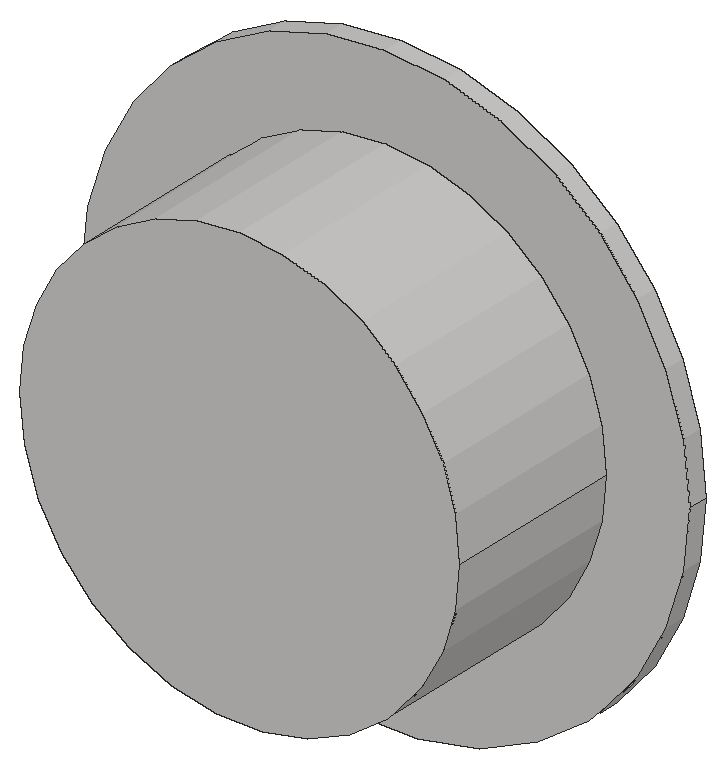
Revit family "A82", category Generic Models, Revit 2021
Family settings
  Can host rebar = No
  Round Connector Dimension = Use Diameter
  Part Type = Normal
  Work Plane-Based = No
  Always vertical = Yes
  Cut with Voids When Loaded = No
  Shared = No
  Room Calculation Point = No
Parameters (values of type "Standard")
  e-mail = "info@vola.com"
  URL = "http://vola.com"
  Telephone = "+45 7023 5500"
  Quality management standard = "ISO 9001"
  Organisation no. / DUNS no. = "17531328"
  Occupational health and safety management standard = "ISO 18001"
  Mounting Instructions = "http://vola.com/service/producturl.ashx?name=A82"
  Model = "A82"
  Materials and components information = "http://vola.com/service/producturl.ashx?name=A82"
  Manufacturer = "VOLA A/S"
  Maintenance Instructions = "http://vola.com/service/producturl.ashx?name=A82"
  Guarantee = "2 years"
  Environmental management standard = "ISO 14000"
  Default Elevation = 0.0000 mm
  Connection - All relevant connections = ""
  Approvals = "http://vola.com/service/producturl.ashx?name=A82"
Reference planes
  plane 1 "Center (Front/Back)": y = 0
  plane 2: z = 0
  plane 3 "Center (Left/Right)": x = 0
Forms (mm)
  Extrusion 1, solid, material "Stainless Steel"
    sketch origin (0, 0, 0) x (1, 0, 0) y (0, 0, 1)
      loop
        circle (0, 0) r 30
    from 0 to 2
  Extrusion 2, solid, material "Stainless Steel"
    sketch origin (0, -2, 0) x (1, 0, 0) y (0, 0, 1)
      loop
        circle (0, 0) r 21.75
    from 0 to 18
Dimensions and locks
  aligned and locked: plane 2 to level
